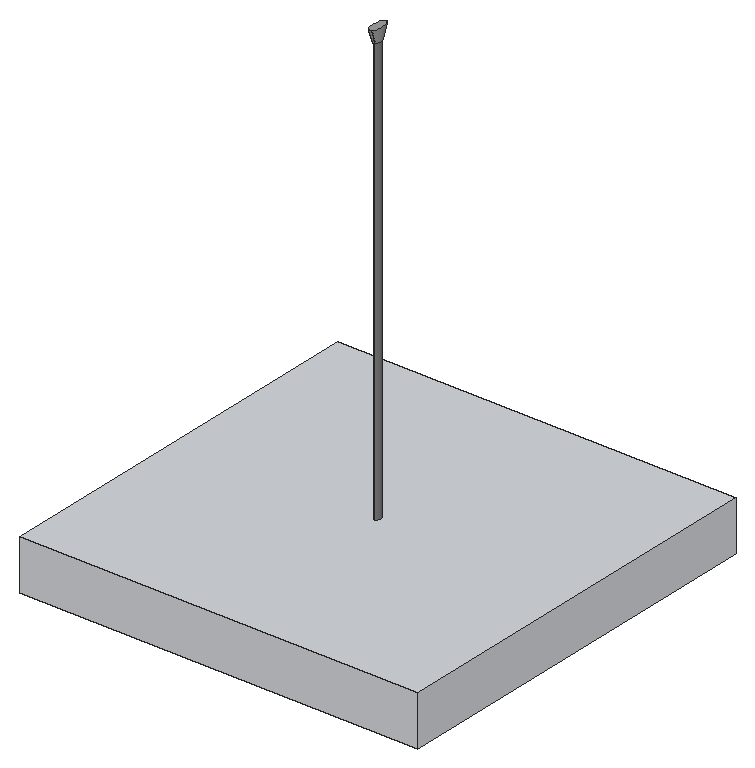
Revit family "Planet-Wattohm Colonnes Logix Kit Ovaline", category Installations électriques, Revit 2020
Family settings
  Hôte = Face
  Conserver l'orientation des annotations = Non
  Cote de connecteur circulaire = Utiliser le diamètre
  Type d'élément = Normal
  Couper avec des vides une fois chargée = Non
  Partagée = Non
  Point de calcul de pièce = Non
Parameters (values of type "kit Ovaline Colonnette 2 cpt Alu")
  h1 = 2700 mm
  Standard = "Ovaline"
  Nombre de compartiments = "Autre"
  Modèle = "PW-32361"
  Matériau principal = "Aluminium"
  Finition = "Aluminium"
  Fabricant = "PLANET WATTOHM"
  Default Elevation = 0 mm
  Description = "Kit extension Ovaline. Vient se fixer sur une Colonnette 1 compartiment"
Types (2, lengths in mm): name | Modèle | Description
  kit Ovaline Colonnette 1 cpt Alu | "PW-32360" | "Tablette support en corian Blanc pour Colonnettes LOGIX équipé d'un chargeur induction"
  kit Ovaline Colonnette 2 cpt Alu | "PW-32361" | "Kit extension Ovaline. Vient se fixer sur une Colonnette 1 compartiment"
Reference planes
  plane 1 "Centre (avant/arrière)": y = 0
  plane 2: z = 0
  plane 3 "Centre (gauche/droite)": x = 0
  plane 4: z = 2700
  plane 5: z = 2620
Forms (mm)
  Extrusion 1, solid
    sketch origin (0, 0, 0) x (1, 0, 0) y (0, 1, 0)
      loop
        line (-1219.2, 1219.2) -> (-1219.2, -1219.2) -> (1219.2, -1219.2) -> (1219.2, 1219.2) -> (-1219.2, 1219.2)
    from 0 to -304.8
  Extrusion 2, solid, material "Legrand - Aluminium gris"
    sketch origin (0, 0, 0) x (1, 0, 0) y (0, 1, 0)
      loop
        arc (-5, 27.5) -> (-16.5, 0) -> (-5, -27.5) r 38.63
        line (-5, -27.5) -> (5, -27.5)
        arc (5, -27.5) -> (16.5, 0) -> (5, 27.5) r 38.63
        line (5, 27.5) -> (-5, 27.5)
    from 0 to 2620
  Blend 3, solid, material "Legrand - PVC  Gris"
    base sketch origin (0, 0, 2700) x (0, -1, 0) y (1, 0, 0)
      loop
        arc (-60, -10) -> (0, -27.5) -> (60, -10) r 111.607
        arc (60, -10) -> (65, 0) -> (60, 10) r 12.5
        arc (60, 10) -> (0, 27.5) -> (-60, 10) r 111.607
        arc (-60, 10) -> (-65, 0) -> (-60, -10) r 12.5
    top sketch origin (0, 0, 2700) x (0, -1, 0) y (1, 0, 0)
      loop
        arc (28.924, -6.405) -> (31.551, 0) -> (28.924, 6.405) r 9.119
        arc (28.924, 6.405) -> (0, 18.5) -> (-28.924, 6.405) r 40.63
        arc (-28.924, 6.405) -> (-31.551, 0) -> (-28.924, -6.405) r 9.119
        arc (-28.924, -6.405) -> (0, -18.5) -> (28.924, -6.405) r 40.63
    from 0 to -80
Dimensions and locks
  "h1": plane 4 to plane 2
  locked: plane 4 to plane 5 at 80
  aligned and locked: plane 2 to Extrusion 1
  aligned and locked: level to Extrusion 1
  aligned and locked: Extrusion 2 to Blend 3
  aligned and locked: plane 4 to Blend 3
  aligned and locked: Blend 3 to plane 5
  aligned and locked: plane 5 to Extrusion 2
  aligned and locked: Extrusion 2 to level
Automatic sketch dimensions
  Extrusion 1 sketch curve to Extrusion 1 sketch curve = 2438.4 mm  (x2)
  plane 1 "Centre (avant/arrière)" to Extrusion 2 sketch curve = 0 mm  (x2)
  Extrusion 2 sketch curve to plane 3 "Centre (gauche/droite)" = 22.13 mm
  Extrusion 2 sketch curve to plane 3 "Centre (gauche/droite)" = 5 mm  (x2)
  plane 3 "Centre (gauche/droite)" to Extrusion 2 sketch curve = 5 mm
  plane 3 "Centre (gauche/droite)" to Extrusion 2 sketch curve = 22.13 mm
  plane 1 "Centre (avant/arrière)" to Extrusion 2 sketch curve = 27.5 mm
  Blend 3 sketch curve to plane 3 "Centre (gauche/droite)" = 0 mm  (x4)
  plane 1 "Centre (avant/arrière)" to Blend 3 sketch curve = 0 mm  (x4)
  Blend 3 sketch curve to plane 1 "Centre (avant/arrière)" = 52.5 mm
  plane 1 "Centre (avant/arrière)" to Blend 3 sketch curve = 52.5 mm
  Blend 3 sketch curve to plane 3 "Centre (gauche/droite)" = 84.107 mm
  plane 3 "Centre (gauche/droite)" to Blend 3 sketch curve = 84.107 mm
  Blend 3 sketch curve to Blend 3 sketch curve = 7.5 mm  (x3)
  Blend 3 sketch curve to plane 3 "Centre (gauche/droite)" = 10 mm
  Blend 3 sketch curve to plane 1 "Centre (avant/arrière)" = 22.432 mm
  plane 1 "Centre (avant/arrière)" to Blend 3 sketch curve = 22.432 mm
  Blend 3 sketch curve to plane 3 "Centre (gauche/droite)" = 22.13 mm
  plane 3 "Centre (gauche/droite)" to Blend 3 sketch curve = 22.13 mm
  plane 3 "Centre (gauche/droite)" to Blend 3 sketch curve = 6.405 mm
  Blend 3 sketch curve to plane 3 "Centre (gauche/droite)" = 6.405 mm
  Blend 3 sketch curve to Blend 3 sketch curve = 0 mm  (x2)
